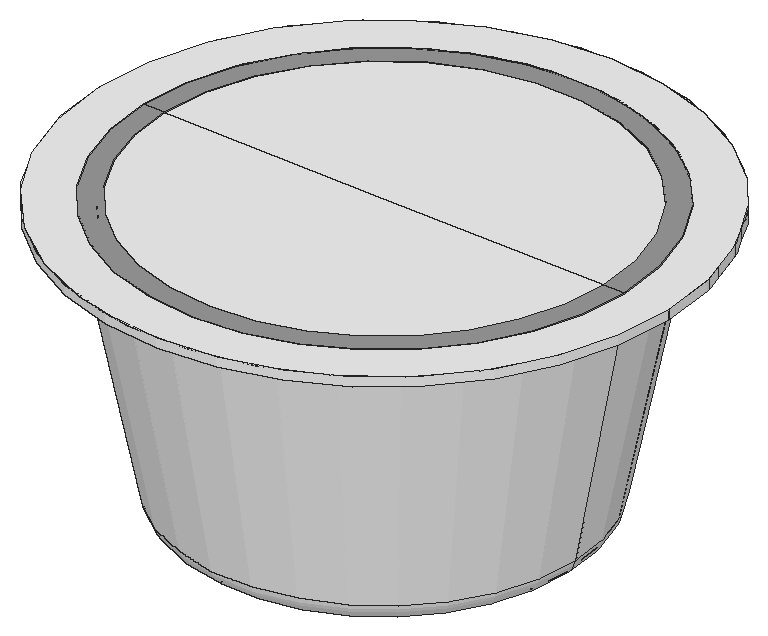
Revit family "2060667", category Lighting Fixtures, host Face, Revit 2018
Family settings
  Host = Face
  Round Connector Dimension = Use Diameter
  Part Type = Normal
  OmniClass Number = 23.80.70.11.17
  OmniClass Title = Specialized Lighting by Location or Use
  Cut with Voids When Loaded = No
  Light Source = Yes
  Shared = No
  Room Calculation Point = No
Parameters (values of type "2060667 ASC100 II ARCH 1850 4K IP65 DALI EMG 160")
  WidthBezelAcc_SYL = 25.0 mm
  Weight = "n/a"
  Wattage = 7 W
  WarrantyStartDate [instance] = "n/a"
  WarrantyGuarantorParts = "n/a"
  WarrantyDurationUnit = "n/a"
  WarrantyDurationParts = ""
  WarrantyDescription = "http://www.sylvania-lighting.com"
  built-in parameter 1150110 = 1 (stored number, unit not read)
  Voltage = 0 V
  VisibilityAccessory_SYL = no
  TypeName = "ASCENT 100 II ARCH 1850 4K IP65 DALI EMG 160"
  built-in parameter 1114217 = 1 (stored number, unit not read)
  Tilt Angle = -90°
  built-in parameter 1150109 = 1 (stored number, unit not read)
  built-in parameter 1150134 = (empty or 0)
  built-in parameter 1150113 = 1 (stored number, unit not read)
  SerialNumber [instance] = "n/a"
  ReflectorRadius_SYL = Radius_SYL - 14.5 mm  # 80.0 mm
  RadiusAcc_SYL = 104.5 mm
  Radius_SYL = 94.5 mm
  URL = "0.95"
  PowerFactor = 0
  PowerConsumption = "Lighting"
  Photometric Web File = "2060667.ies"
  NominalWidth = 0.0 mm
  NominalLength = 209.0 mm
  NominalHeight = 94.0 mm
  Name = "ASCENT 100 II ARCH 1850 4K IP65 DALI EMG 160"
  ModelReference = "ASCENT 100 II ARCH 1850 4K IP65 DALI EMG 160"
  ModelNumber = "2060667"
  Material_4_SYL = none
  Material_3_SYL = Polycarbonate_Sylvania_Ascent_Opal
  Material_2_SYL = Aluminium_Sylvania_Ascent_Silver
  Material_1_SYL = Aluminum_Sylvania_Ascent_White
  Material = "Feilo Sylvania"
  ManufacturerName = "97 lm/W"
  LuminousEfficacy = ""
  built-in parameter 1150105 = 76.872 (stored number, unit not read)
  Lumens = 966 lm
  LuminaireType = "0"
  built-in parameter 1150115 = 1 (stored number, unit not read)
  LightOutputRatio = "LED"
  built-in parameter 1150137 = (empty or 0)
  built-in parameter 1150139 = (empty or 0)
  LampsType = Lamp  # "n/a"
  LampNominalLuminous = "4000 K"
  LampMacAdamStep = "80"
  LampColourTemperature = "LED"
  LampColourRenderingIndex = "16500"
  built-in parameter 1150112 = 1 (stored number, unit not read)
  built-in parameter 1150114 = 1 (stored number, unit not read)
  Keynote = "n/a"
  InstallationDate [instance] = "n/a"
  InputVoltage = "0"
  InputNominalFrequency = "4000"
  built-in parameter 1150132 = (empty or 0)
  built-in parameter 1150102 = (empty or 0)
  built-in parameter 1150107 = 3000 (stored number, unit not read)
  built-in parameter 1150138 = (empty or 0)
  IngressProtection = "IfcLightFixtureType"
  ImpactProtectionIndex = "IfcLightFixtureType"
  built-in parameter 1150106 = 0.76872 (stored number, unit not read)
  IfcExportType = "IfcLightFixtureType"
  IfcExportAs = "Class II"
  HeightAcc_SYL = 7.0 mm
  Height = 96.0 mm
  ExpectedLife = 50000
  EmittionSurface_SYL = if(VisibilityAccessory_SYL, 7.0 mm, 3.0 mm)  # 3.0 mm
  Emit from Circle Diameter = DiffuserRadius_SYL * 2  # 146.0 mm
  Emit Shape Visible in Rendering = no
  ElectricShockClassification = "97"
  built-in parameter 1150104 = 12.821 (stored number, unit not read)
  DurationUnit = "hours"
  DocumentationLiterature = "http://www.sylvania-lighting.com/product/en-int/products/2060667"
  DimmingControlOptions = "n/a"
  Dimming Lamp Color Temperature Shift = <None>
  DiffuserRadius_SYL = ReflectorRadius_SYL - 7.0 mm  # 73.0 mm
  Diameter_SYL = 2 * Radius_SYL  # 189.0 mm
  CutoutDiameter_SYL = Diameter_SYL - 13.0 mm  # 176.0 mm
  CreatedOn = "08/06/2021"
  CreatedBy = "@sylvania-lighting.com"
  Color Filter = 16777215
  built-in parameter 1114216 [instance] = 1 (stored number, unit not read)
  Model = "ASCENT 100 II ARCH 1850 4K IP65 DALI EMG 160"
  Manufacturer = ""
  Lamp = "n/a"
  Description = "Direct LED retro fit for original LED 100 Arch (160) single CFL lamp offering Matching lumen levels and improved light distribution of original LED 100 CFL lamp equivalents Typically half the power consumption compared to CFL Up to 112lm/W 160mm aperture Architectural reflector accepts range of glass accessories from existing LED 100 Arch 160 offering HE, HO and VHO versions equivalent of single 1 x 18W, 1 x 32W, 1 x 42W\r\n Additional VVHO versions which offer the performance circa 2 x 32W equivalent"  # constant formula
  Default Elevation = 0.0 mm
  built-in parameter 1140040 [instance] = 1
  BarCode [instance] = "n/a"
  built-in parameter 1114218 = 1 (stored number, unit not read)
  built-in parameter 1150133 = 10 (stored number, unit not read)
  AssetType = "Fixed"
  AssetIdentifier [instance] = "n/a"
  Assembly Code = "D5020200"
  Apparent Load = 19 VA
  Aperture_SYL = 2 * ReflectorRadius_SYL  # 160.0 mm
Reference planes
  plane 1 "Center (Front/Back)": y = 0
  plane 2: z = 0
  plane 3 "Center (Left/Right)": x = 0
  plane 4 "Fixture Bottom": z = 3
  plane 5: z = -52.5
  plane 6 "Fixture Top": z = -89
  plane 7: x = -104.5
  plane 8: z = 7
  plane 9: x = -79.5
  plane 10: z = 5
  plane 11: x = -102.5
Forms (mm)
  Extrusion 1, solid, material "Aluminum_Sylvania_Ascent_White", detail levels fine
    sketch origin (0, 0, 0) x (1, 0, 0) y (0, 1, 0)
      loop
        circle (0, 0) r 94.5
      loop
        circle (0, 0) r 80
    from 0 to 3
  Extrusion 2, void
    sketch origin (0, 0, 0) x (1, 0, 0) y (0, 1, 0)
      loop
        circle (0, 0) r 88
    from -89 to 3
  Revolve 3, solid, material "Aluminum_Sylvania_Ascent_White" <- "Material_1_SYL", detail levels fine
    sketch origin (0, 0, 0) x (1, 0, 0) y (0, 0, 1)
      loop
        line (0, -89.073) -> (0, -87.023) -> (-55.468, -87.014)
        arc (-55.468, -87.014) -> (-59.352, -85.613) -> (-61.54, -82.139) r 6.307
        line (-61.54, -82.139) -> (-77.991, -2.838) -> (-77.991, 0) -> (-80, 0) -> (-80, -3) -> (-63.5, -82.536)
        arc (-63.5, -82.536) -> (-60.643, -87.203) -> (-55.5, -89.073) r 8.291
        line (-55.5, -89.073) -> (0, -89.073)
      axis (0, 0) -> (0, -89.073)
    angle from 0 to 360
  Revolve 4, solid, material "Aluminium_Sylvania_Ascent_Silver" <- "Material_2_SYL", detail levels fine
    sketch origin (0, 0, 0) x (1, 0, 0) y (0, 0, 1)
      loop
        line (-80, 3) -> (-80, 0) -> (-75, 0)
        arc (-75, 0) -> (-72.349, -26.77) -> (-64.5, -52.5) r 136.5
        line (-64.5, -52.5) -> (-58, -52.5)
        arc (-58, -52.5) -> (-56.857, -61.521) -> (-53.5, -69.971) r 36.166
        line (-53.5, -69.971) -> (0, -69.971) -> (0, -50.5) -> (-63.16, -50.5)
        arc (-63.16, -50.5) -> (-70.517, -25.725) -> (-73, 0) r 134.5
        line (-73, 0) -> (-73, 3) -> (-80, 3)
      axis (0, 3) -> (0, -69.971)
    angle from 0 to 360
  Revolve 5, solid, material "Aluminum_Sylvania_Ascent_White" <- "Material_1_SYL", detail levels medium+fine
    sketch origin (0, 0, 0) x (1, 0, 0) y (0, 0, 1)
      loop
        line (0, -89.073) -> (0, 3) -> (-94.5, 3) -> (-94.5, 0) -> (-79.5, 0) -> (-79.5, -3) -> (-63, -82.536)
        arc (-63, -82.536) -> (-60.143, -87.203) -> (-55, -89.073) r 8.291
        line (-55, -89.073) -> (0, -89.073)
      axis (0, 3) -> (0, -89.073)
    angle from 0 to 360
  Revolve 6, solid, material "Aluminum_Sylvania_Ascent_White" <- "Material_1_SYL", visible <- "VisibilityAccessory_SYL", detail levels medium+fine
    sketch origin (0, 0, 0) x (1, 0, 0) y (0, 0, 1)
      loop
        line (-104.5, 0) -> (-102.5, 0) -> (-102.5, 5) -> (-79.5, 5) -> (-79.5, 7) -> (-104.5, 7) -> (-104.5, 0)
      axis (0, 7) -> (0, 0)
    angle from 0 to 360
  Extrusion 7, solid, detail levels coarse
    sketch origin (0, 0, 0) x (1, 0, 0) y (0, 0, 1)
      loop
        line (104.421, 7) -> (-104.5, 7) -> (-104.5, -89) -> (104.421, -89) -> (104.421, 7)
    from -104.368 to 104.563
Lines and regions (mm)
  reference lines
    curve 1: line (-149.5, 0, 3) -> (125, 0, 3)
Dimensions and locks
  locked: plane 4 "Fixture Bottom" to plane 2 at 3
  "ReflectorRadius_SYL": plane 3 "Center (Left/Right)" to Revolve 4 sketch curve
  locked: Revolve 4 sketch curve to Revolve 4 sketch curve at 15.5
  locked: Revolve 4 sketch curve to Revolve 4 sketch curve at 5
  locked: Revolve 4 sketch curve to Revolve 4 sketch curve at 7
  locked: Revolve 4 sketch curve to Revolve 4 sketch curve at 22
  locked: Revolve 4 sketch curve to Revolve 4 sketch curve at 26.5
  locked: Revolve 3 sketch curve to Revolve 3 sketch curve at 16.5
  locked: Revolve 3 sketch curve to Revolve 3 sketch curve at 24.5
  "ReflectorRadius_SYL": Revolve 3 sketch curve to plane 3 "Center (Left/Right)"
  locked: Revolve 3 sketch curve to plane 6 "Fixture Top" at 6.464
  locked: plane 2 to Revolve 3 sketch curve at 3
  locked: Revolve 3 sketch curve to Revolve 3 sketch curve at 2
  locked: Revolve 3 sketch curve to Revolve 3 sketch curve at 2.009
  locked: plane 2 to plane 5 at 52.5
  locked: Revolve 5 sketch curve to Revolve 5 sketch curve at 31.5
  locked: Revolve 5 sketch curve to Revolve 5 sketch curve at 39.5
  locked: Revolve 5 sketch curve to Revolve 5 sketch curve at 15
  "Radius_SYL": plane 3 "Center (Left/Right)" to Revolve 5 sketch curve
  "RadiusAcc_SYL": plane 3 "Center (Left/Right)" to plane 7
  "HeightAcc_SYL": plane 8 to level
  locked: plane 7 to plane 11 at 2
  locked: plane 8 to plane 10 at 2
  "Height": plane 6 "Fixture Top" to plane 8
  "CutoutDiameter_SYL": diameter of Extrusion 2 sketch curve
  "ReflectorRadius_SYL": radius of Extrusion 1 sketch curve
  "Radius_SYL": radius of Extrusion 1 sketch curve
  aligned and locked: host face to plane 2
  aligned and locked: host face to level
  aligned and locked: plane 4 "Fixture Bottom" to Extrusion 1
  aligned and locked: Extrusion 1 to plane 2
  aligned and locked: Revolve 3 sketch curve to plane 3 "Center (Left/Right)"
  aligned and locked: Revolve 4 sketch curve to plane 3 "Center (Left/Right)"  (x2)
  aligned and locked: plane 4 "Fixture Bottom" to Revolve 4 sketch curve
  aligned and locked: plane 2 to Revolve 3 sketch curve  (x2)
  aligned and locked: Revolve 5 sketch curve to plane 3 "Center (Left/Right)"
  aligned and locked: plane 6 "Fixture Top" to Extrusion 2
  aligned and locked: Revolve 6 sketch curve to plane 3 "Center (Left/Right)"
  aligned and locked: host face to Revolve 6 sketch curve  (x2)
  aligned and locked: Revolve 6 sketch curve to plane 7
  aligned and locked: plane 8 to Revolve 6 sketch curve
  aligned and locked: plane 9 to Revolve 6 sketch curve
  aligned and locked: Revolve 6 sketch curve to plane 10
  aligned and locked: plane 11 to Revolve 6 sketch curve
  aligned and locked: plane 3 "Center (Left/Right)" to imposter light
  aligned and locked: imposter light to plane 1 "Center (Front/Back)"
  aligned and locked: imposter light to curve 1
Automatic sketch dimensions
  plane 1 "Center (Front/Back)" to Extrusion 2 sketch curve = 0.0 mm
  Extrusion 2 sketch curve to plane 3 "Center (Left/Right)" = 0.0 mm
  Extrusion 1 sketch curve to Extrusion 1 sketch curve = 0.0 mm  (x2)
  plane 1 "Center (Front/Back)" to Extrusion 1 sketch curve = 0.0 mm
  Extrusion 1 sketch curve to plane 3 "Center (Left/Right)" = 0.0 mm
  plane 6 "Fixture Top" to Revolve 3 sketch curve = 0.073 mm
  Revolve 3 sketch curve to plane 6 "Fixture Top" = 6.861 mm
  Revolve 3 sketch curve to Revolve 3 sketch curve = 0.003 mm
  Revolve 3 sketch curve to Revolve 3 sketch curve = 0.009 mm  (x2)
  Revolve 3 sketch curve to Revolve 3 sketch curve = 0.023 mm
  Revolve 3 sketch curve to Revolve 3 sketch curve = 0.072 mm
  Revolve 3 sketch curve to Revolve 3 sketch curve = 0.008 mm
  Revolve 3 sketch curve to plane 6 "Fixture Top" = 1.977 mm
  Revolve 3 sketch curve to Revolve 3 sketch curve = 33.496 mm
  Revolve 3 sketch curve to Revolve 3 sketch curve = 0.028 mm
  plane 4 "Fixture Bottom" to Revolve 3 sketch curve = 82.431 mm
  Revolve 4 sketch curve to Revolve 4 sketch curve = 0.0 mm  (x2)
  Revolve 4 sketch curve to plane 5 = 0.0 mm
  Revolve 4 sketch curve to level = 0.0 mm
  plane 5 to Revolve 4 sketch curve = 2.0 mm
  plane 4 "Fixture Bottom" to Revolve 4 sketch curve = 9.642 mm
  Revolve 4 sketch curve to level = 69.971 mm
  Revolve 4 sketch curve to Revolve 4 sketch curve = 2.387 mm
  Revolve 5 sketch curve to level = 0.0 mm
  Revolve 5 sketch curve to plane 3 "Center (Left/Right)" = 0.0 mm
  Revolve 5 sketch curve to Revolve 5 sketch curve = 8.104 mm
  Revolve 5 sketch curve to level = 3.0 mm
  Revolve 5 sketch curve to plane 6 "Fixture Top" = 6.464 mm
  plane 6 "Fixture Top" to Revolve 5 sketch curve = 0.073 mm
  Revolve 5 sketch curve to Revolve 5 sketch curve = 33.496 mm
  plane 4 "Fixture Bottom" to Revolve 5 sketch curve = 82.431 mm
  host sketch curve to host sketch curve = 1704.996 mm
  host sketch curve to host sketch curve = 1500.0 mm
  plane 6 "Fixture Top" to Revolve 6 sketch curve = 281.274 mm
  Revolve 6 sketch curve to plane 8 = 1140.706 mm
  Revolve 3 sketch curve to plane 3 "Center (Left/Right)" = 0.0 mm
  Revolve 5 sketch curve to plane 4 "Fixture Bottom" = 0.0 mm
  plane 7 to curve 1 = 45.0 mm
  plane 3 "Center (Left/Right)" to curve 1 = 125.0 mm
  curve 1 to plane 4 "Fixture Bottom" = 0.0 mm
  plane 7 to Extrusion 7 sketch curve = 0.0 mm
  Extrusion 7 sketch curve to plane 6 "Fixture Top" = 0.0 mm
  Extrusion 7 sketch curve to plane 8 = 0.0 mm
  plane 3 "Center (Left/Right)" to Extrusion 7 sketch curve = 104.421 mm
Connectors
  electrical at (0, 0, -89.073), driven by "Apparent Load"
    settings: on Revolve 3, index 1, voltage 240 V, apparent load 0 VA, apparent load phase1 19 VA, apparent load phase2 0 VA, apparent load phase3 0 VA, power factor 1, load classification "Lighting", number of poles 1, system type 31, power factor state 1, is connector primary yes, connector utility no, sub classification motor no, connector description ""
